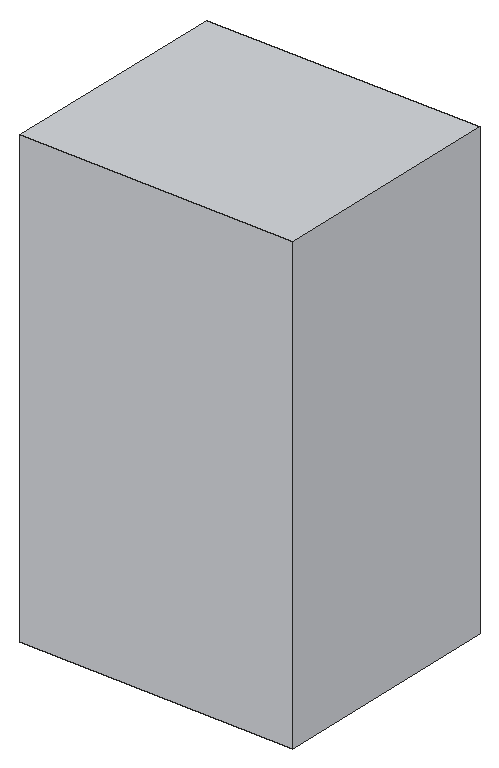
Revit family
Parameters
  Warranty Duration (Years) = 0
  Unit Width [instance] = 1' - 8 177/256"
  Unit Height [instance] = 0' - 9 99/256"
  Unit Depth = 0' - 0"
  URL = "http://www.americanspecialties.com/viewCategories.cfm"
  Test Data = ""
  Specification = "http://www.arcat.com/sdspecs/htm/10810asi.htm"
  SpecWizard = ""
  Send Message = "http://www.arcat.com/users.pl?action=UserEmail&company=American%20Specialties,%20Inc.&coid=30448&rep=139&fax=914-476-0688&mf="
  Sales Information = "http://www.americanspecialties.com/contact"
  Revision = "R1_10-2010"
  Trim Material = Metal - Stainless Steel
  Product Properties = "http://www.americanspecialties.com/datasheets/0402-Z.pdf"
  Product Data = "http://www.arcat.com/arcatcos/cos30/arc30448.html"
  Body Material = Metal - Stainless Steel
  Model = "As Specified in 10 28 13"
  Manufacturer Website = "http://www.americanspecialties.com/viewCategories.cfm"
  Manufacturer Phone - Toll Free = ""
  Manufacturer Phone = "914-476-9000 "
  Manufacturer Fax = "914-476-0688"
  Manufacturer Address = "441 Saw Mill River Rd., Yonkers, NY 10701"
  Manufacturer = "American Specialties, Inc."
  Maintenance Schedule (Months) = 0
  Keynote = "10 28 13"
  Installation-Fabrication = "http://www.americanspecialties.com/products.cfm"
  Green Building-LEED = ""
  Expected Lifespan (Years) = 0
  Drawn By = "Robert S. Weygant. CSI, CDT, SCIP"  # constant formula
  Description = "Toilet Accessory as Specified in 10 28 13"
  Default Elevation = 4' - 0"
  Copyright = "©Arcat Inc."
  Construction Details = "http://www.arcat.com/green/clients/leed_data_30448.html"
  Building Codes = "http://www.americanspecialties.com/products.cfm"
  Assembly Code = "C1030210"
Reference planes (in)
  plane 1 "Center (Front/Back)": y = -0.22862
  plane 2 "Floor Line": z = 0
  plane 3: y = -6.47862
  plane 4: x = -0.65843
  plane 5: x = -6.90843
  plane 6: z = -1.75
  plane 7: z = -1.625
  plane 8: z = -1.59375
Forms (in)
  Extrusion 1, solid
    sketch origin (-3, -9, -6) x (0, 0, -1) y (1, 0, 0)
      loop
        line (-82, 26.34157) -> (-82, -19.34712) -> (-6, -19.34712) -> (-6, 26.34157) -> (-82, 26.34157)
    from 9 to -30.19162
  Extrusion 2, solid, material "Metal - Stainless Steel" <- "Trim Material"
    sketch origin (0, 0, -2) x (1, 0, 0) y (0, 1, 0)
      loop
        line (-6.90843, -0.42371) -> (-6.90843, -6.28353)
        arc (-6.90843, -6.28353) -> (-6.85129, -6.42148) -> (-6.71334, -6.47862) r 0.19509
        line (-6.71334, -6.47862) -> (-0.85352, -6.47862)
        arc (-0.85352, -6.47862) -> (-0.71557, -6.42148) -> (-0.65843, -6.28353) r 0.19509
        line (-0.65843, -6.28353) -> (-0.65843, -0.42371)
        arc (-0.65843, -0.42371) -> (-0.71557, -0.28576) -> (-0.85352, -0.22862) r 0.19509
        line (-0.85352, -0.22862) -> (-6.71334, -0.22862)
        arc (-6.71334, -0.22862) -> (-6.85129, -0.28576) -> (-6.90843, -0.42371) r 0.19509
      loop
        arc (-6.04659, -0.97862) -> (-6.16987, -1.02968) -> (-6.22093, -1.15297) r 0.17435
        line (-6.22093, -1.15297) -> (-6.22093, -5.55427)
        arc (-6.22093, -5.55427) -> (-6.16987, -5.67755) -> (-6.04659, -5.72862) r 0.17435
        line (-6.04659, -5.72862) -> (-1.52028, -5.72862)
        arc (-1.52028, -5.72862) -> (-1.397, -5.67755) -> (-1.34593, -5.55427) r 0.17435
        line (-1.34593, -5.55427) -> (-1.34593, -1.15297)
        arc (-1.34593, -1.15297) -> (-1.397, -1.02968) -> (-1.52028, -0.97862) r 0.17435
        line (-1.52028, -0.97862) -> (-6.04659, -0.97862)
    from 2 to 2.125
  Extrusion 3, solid, material "Metal - Stainless Steel" <- "Body Material"
    sketch origin (-0.65843, -1.6875, -3.68882) x (0, 1, 0) y (0, 0, 1)
      loop
        line (-2.09103, 3.81382) -> (-1.24121, 3.81382) -> (-1.27458, 4.5643)
        arc (-1.27458, 4.5643) -> (-1.66612, 4.93882) -> (-2.05766, 4.5643) r 0.39193
        line (-2.05766, 4.5643) -> (-2.09103, 3.81382)
    from -0.6875 to -0.13825
  Extrusion 4, solid, material "Metal - Stainless Steel" <- "Body Material"
    sketch origin (-0.65843, -1.68102, -2.40883) x (0, 1, 0) y (0, 0, 1)
      loop
        circle (-1.6726, 3.22999) r 0.33333
    from -4 to -0.6875
  Extrusion 5, solid, material "Metal - Stainless Steel" <- "Body Material"
    sketch origin (-0.65843, 0.03773, -0.42885) x (0, 1, 0) y (0, 0, 1)
      loop
        circle (-3.39135, 1.25) r 0.30208
    from -5.5625 to -4
  Extrusion 6, solid, material "Metal - Stainless Steel" <- "Body Material"
    sketch origin (-6.90843, -1.6875, -3.68882) x (0, 1, 0) y (0, 0, -1)
      loop
        line (-2.09103, -3.81382) -> (-2.05766, -4.5643)
        arc (-2.05766, -4.5643) -> (-1.66612, -4.93882) -> (-1.27458, -4.5643) r 0.39193
        line (-1.27458, -4.5643) -> (-1.24121, -3.81382) -> (-2.09103, -3.81382)
    from -0.6875 to -0.13825
  Extrusion 7, void
    sketch origin (-7.56687, 0, 0) x (-1, 0, 0) y (0, -1, 0)
      loop
        line (-1.15843, 5.97862) -> (-6.40843, 5.97862) -> (-6.40843, 0.72862) -> (-1.15843, 0.72862) -> (-1.15843, 5.97862)
    from -1.75 to 0
  Extrusion 8, solid, material "Metal - Stainless Steel" <- "Trim Material"
    sketch origin (-0.65843, 0, 0) x (0, 1, 0) y (0, 0, 1)
      loop
        arc (-0.97862, 0) -> (-3.35362, -1.59405) -> (-5.72862, 0) r 2.5663
        line (-5.72862, 0) -> (-5.76235, 0)
        arc (-5.76235, 0) -> (-3.35362, -1.6253) -> (-0.94488, 0) r 2.59755
        line (-0.94488, 0) -> (-0.97862, 0)
    from -5.5625 to -0.6875
  Extrusion 9, solid, material "Metal - Stainless Steel" <- "Trim Material"
    sketch origin (-0.65843, 0, 0) x (0, 1, 0) y (0, 0, 1)
      loop
        arc (-5.76235, 0) -> (-3.35362, -1.6253) -> (-0.94488, 0) r 2.59755
        line (-0.94488, 0) -> (-5.76235, 0)
    from -0.6875 to -0.66115
  Extrusion 10, solid, material "Metal - Stainless Steel" <- "Trim Material"
    sketch origin (-6.90843, 0, 0) x (0, 1, 0) y (0, 0, -1)
      loop
        line (-5.76235, 0) -> (-0.94488, 0)
        arc (-0.94488, 0) -> (-3.35362, 1.6253) -> (-5.76235, 0) r 2.59755
    from -0.6875 to -0.66115
  Extrusion 11, void
    sketch origin (0, 0, 0) x (1, 0, 0) y (0, 1, 0)
      loop
        circle (-5.25218, -3.35362) r 0.125
    from -1.69574 to -1.55362
  Extrusion 12, void
    sketch origin (-7.56687, 0, 0) x (-1, 0, 0) y (0, -1, 0)
      loop
        circle (-5.25218, 3.35362) r 0.125
    from -1.69574 to -1.55362
Cuts and joins
  Extrusion 7, Extrusion 11 cuts Extrusion 2
  Extrusion 11 cuts Extrusion 5
  Extrusion 11, Extrusion 12 cuts Extrusion 8
Lines and regions (in)
  model lines
    curve 1: line (-1.34593, -2.50979, 0) -> (-1.34593, -4.14857, 0)
Dimensions and locks (in)
  aligned and locked: Extrusion 1 to level
  aligned and locked: Extrusion 2 to plane 1 "Center (Front/Back)"
  aligned and locked: cut or joined group of Extrusion 2, Extrusion 7, Extrusion 11 to plane 4
  aligned and locked: plane 5 to cut or joined group of Extrusion 2, Extrusion 7, Extrusion 11
  aligned and locked: cut or joined group of Extrusion 2, Extrusion 7, Extrusion 11 to plane 3
